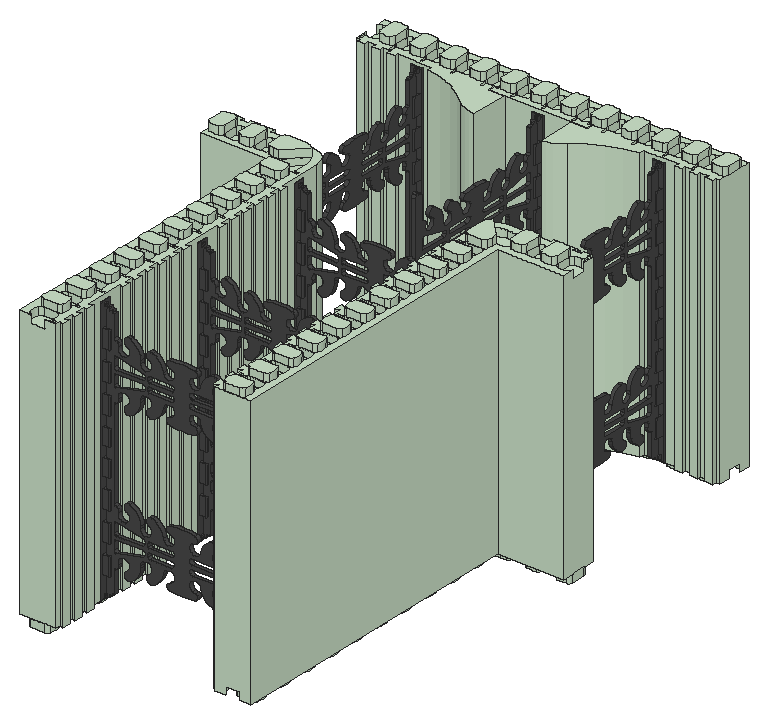
Revit family "ICF- NUDURA 10-inch- Long T Form Unit- Imperial", category Generic Models, Revit 2010 (continued)
Definition of nested family "NUDURA Diamond Pattern Missing Two Lines"
  Lines and regions (in)
    model lines
      curve 189: arc (4.29059, -5.625, 10.64142) -> (4.23201, -5.625, 10.5) -> (4.29059, -5.625, 10.35858) r 0.2
      curve 190: arc (4.29059, -5.625, 12.14142) -> (4.23201, -5.625, 12) -> (4.29059, -5.625, 11.85858) r 0.2
      curve 191: arc (4.29059, -5.625, 13.64142) -> (4.23201, -5.625, 13.5) -> (4.29059, -5.625, 13.35858) r 0.2
      curve 192: arc (4.29059, -5.625, 15.14142) -> (4.23201, -5.625, 15) -> (4.29059, -5.625, 14.85858) r 0.2
      curve 193: arc (4.29059, -5.625, 16.64142) -> (4.23201, -5.625, 16.5) -> (4.29059, -5.625, 16.35858) r 0.2
